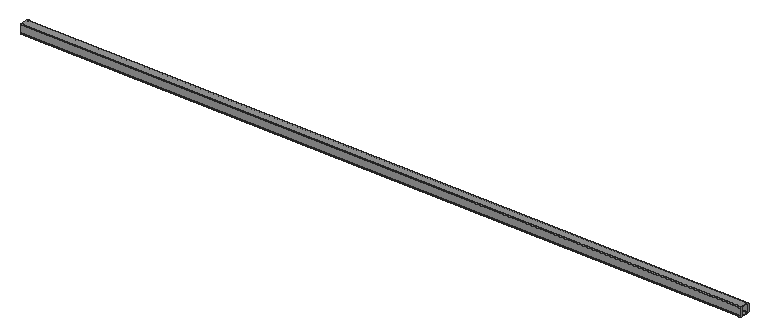
Revit family "47W1.5x1.5 Web", category Structural Framing, Revit 2020
Family settings
  Section Shape = Not Defined
  Material for Model Behavior = Steel
  Always export as geometry = No
  OmniClass Number = 23.25.30.11.14.14
  OmniClass Title = Beams
  Always vertical = Yes
  Cut with Voids When Loaded = No
  Symbolic Representation = From Family
  Shared = No
  Show family pre-cut in plan views = Yes
Parameters
  Weight lbs per ft [instance] = 0.8787
  URL = "https://www.trussteel.com/details_files/pdf/ts010.pdf"
  Total member Weight lbs [instance] = Length / 1' 0" * Weight lbs per ft  # 8.787
  Structural Material = ASTM A500 Grade A Modified Fy 45 ksi - Fu 48 ksi
  Steel Design Thickness (in) [instance] = 0.046
  Model = "47W1.5x1.5"
  Manufacturer = "TrusSteel"
  Length [instance] = 10' - 0"
  Fy (ksi) [instance] = 45
  Fu (ksi) [instance] = 48
  Description = "Tube Web"
  Cross Section Area (in2) [instance] = 0.2585
  Beam Width = 0' - 1 1/2"
  Beam Height = 0' - 1 1/2"
Reference planes (in)
  plane 1 "Center (Front/Back)": y = 0
  plane 2 "Center El.": z = 0
  plane 3 "Center (Left/Right)": x = 0
  plane 4 "Left": x = -60
  plane 5 "Right": x = 60
Forms (in)
  Extrusion 1, solid, material "ASTM A500 Grade A Modified Fy 45 ksi - Fu 48 ksi"
    sketch origin (0, 0, 0) x (0, 1, 0) y (0, 0, 1)
      loop
        arc (-0.609, 0.75) -> (-0.7087, 0.7087) -> (-0.75, 0.609) r 0.141
        line (-0.75, 0.609) -> (-0.75, -0.609)
        arc (-0.75, -0.609) -> (-0.7087, -0.7087) -> (-0.609, -0.75) r 0.141
        line (-0.609, -0.75) -> (0.609, -0.75)
        arc (0.609, -0.75) -> (0.7087, -0.7087) -> (0.75, -0.609) r 0.141
        line (0.75, -0.609) -> (0.75, 0.609)
        arc (0.75, 0.609) -> (0.7087, 0.7087) -> (0.609, 0.75) r 0.141
        line (0.609, 0.75) -> (-0.609, 0.75)
      loop
        arc (-0.609, 0.701) -> (-0.67405, 0.67405) -> (-0.701, 0.609) r 0.092
        line (-0.701, 0.609) -> (-0.701, -0.609)
        arc (-0.701, -0.609) -> (-0.67405, -0.67405) -> (-0.609, -0.701) r 0.092
        line (-0.609, -0.701) -> (0.609, -0.701)
        arc (0.609, -0.701) -> (0.67405, -0.67405) -> (0.701, -0.609) r 0.092
        line (0.701, -0.609) -> (0.701, 0.609)
        arc (0.701, 0.609) -> (0.67405, 0.67405) -> (0.609, 0.701) r 0.092
        line (0.609, 0.701) -> (-0.609, 0.701)
    from -60 to 60
Dimensions and locks (in)
  equal spacing: plane 4 "Left", plane 3 "Center (Left/Right)", plane 5 "Right"
  "Length": plane 4 "Left" to plane 5 "Right"
  "Beam Width": Extrusion 1 to Extrusion 1
  "Beam Height": Extrusion 1 to Extrusion 1
  aligned and locked: level to plane 2 "Center El."
  aligned and locked: plane 4 "Left" to Extrusion 1
  aligned and locked: Extrusion 1 to plane 5 "Right"
Automatic sketch dimensions
  plane 1 "Center (Front/Back)" to Extrusion 1 sketch curve = 0' - 0 3/4"
  Extrusion 1 sketch curve to Extrusion 1 sketch curve = 0' - 0.141"  (x3)
  Extrusion 1 sketch curve to plane 1 "Center (Front/Back)" = 0' - 0.609"  (x2)
  Extrusion 1 sketch curve to level = 0' - 0 3/4"
  level to Extrusion 1 sketch curve = 0' - 0.609"
  Extrusion 1 sketch curve to Extrusion 1 sketch curve = 0' - 0"  (x7)
  Extrusion 1 sketch curve to Extrusion 1 sketch curve = 0' - 0.049"
